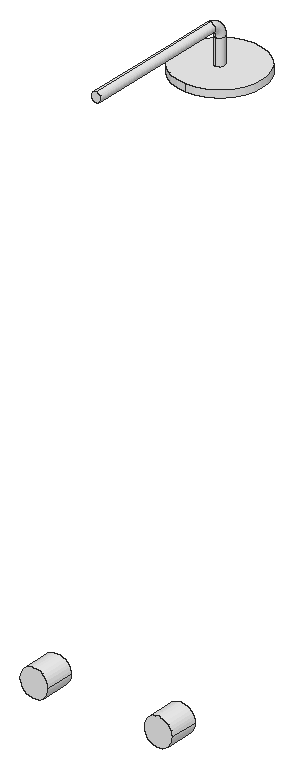
Revit family "Chuveiro_Parede", category Plumbing Fixtures, host Wall, Revit 2020
Family settings
  Host = Wall
  Round Connector Dimension = Use Diameter
  Part Type = Normal
  OmniClass Number = 23.45.00.00
  OmniClass Title = Sanitary, Laundry, and Cleaning Equipment
  Always vertical = Yes
  Cut with Voids When Loaded = No
  Shared = No
  Room Calculation Point = No
Parameters (values of type "CHV_PAR")
  Material_Chuveiro = CT_Cromados
  Description = "Descrição do tipo"
  Default Elevation = 0 mm
  Altura_Chuveiro = 2250 mm
  Altura Torneiras [instance] = 1080 mm
Reference planes
  plane 1: y = 0
  plane 2 "Center (Left/Right)": x = 125
  plane 3 "Back": y = 75
  plane 4: z = 2250
  plane 5: z = 1080
Forms (mm)
  Sweep 1, solid, material "CT_Cromados" <- "Material_Chuveiro"
    path origin (125, 0, 0) x (0, 1, 0) y (0, 0, 1)
      loop
        line (75, 2250) -> (380, 2250)
        arc (380, 2250) -> (397.678, 2242.678) -> (405, 2225) r 25
        line (405, 2225) -> (405, 2170)
    profile origin (125, 227.5, 2250) x (0, 0, 1) y (1, 0, 0)
      loop
        circle (0, 0) r 10
  Extrusion 2, solid, material "CT_Cromados" <- "Material_Chuveiro"
    sketch origin (125, 405, 2170) x (0, -1, 0) y (-1, 0, 0)
      loop
        circle (0, 0) r 90
    from 15.441 to 0
  Extrusion 3, solid, material "CT_Cromados" <- "Material_Chuveiro"
    sketch origin (-60, 75, 0) x (1, 0, 0) y (0, 0, 1)
      loop
        circle (317.921, 1080) r 30
    from 0 to -60.533
  Extrusion 4, solid, material "CT_Cromados" <- "Material_Chuveiro"
    sketch origin (310, 75, 0) x (-1, 0, 0) y (0, 0, -1)
      loop
        circle (317.921, -1080) r 30
    from 0 to -60.533
Cuts and joins
  joined: Sweep 1, Extrusion 2
Lines and regions (mm)
  model lines, style "PlumbingFixtures"
    curve 1: circle (125.066, 405.504, 0) r 90 normal (0, 0, 1)
  model lines, style "PlumbingFixturesHiddenLines"
    curve 2: line (114.16, 316.167, 0) -> (114.16, 75, 0)
    curve 3: line (134.16, 75, 0) -> (134.16, 315.964, 0)
Text (mm)
  text "Placement side" at (-1787.139, 592.35, 0), in view "Ref. Level"
  text "Placement side" at (0, 1827.695, 2917.686), in view "Left"
  text "Placement side" at (0, 562.268, 3853.606), in view "Right"
Dimensions and locks
  locked: plane 3 "Back" to host wall
  "Altura_Chuveiro": plane 4 to level
  "Altura Torneiras": level to plane 5
  aligned and locked: host wall to plane 1
  aligned and locked: Extrusion 2 to Sweep 1
  aligned and locked: Sweep 1 to plane 3 "Back"
  aligned and locked: cut or joined group of Sweep 1, Extrusion 2 to curve 3
  aligned and locked: cut or joined group of Sweep 1, Extrusion 2 to curve 2
Automatic sketch dimensions
  Sweep 1 sketch curve to plane 3 "Back" = 0 mm
  Sweep 1 sketch curve to plane 4 = 0 mm
  Sweep 1 sketch curve to plane 4 = 25 mm
  Sweep 1 sketch curve to plane 3 "Back" = 305 mm
  Sweep 1 sketch curve to Sweep 1 sketch curve = 55 mm
  Sweep 1 sketch curve to plane 2 "Center (Left/Right)" = 0 mm
  Sweep 1 sketch curve to profile plane = 0 mm
  Extrusion 3 sketch curve to plane 5 = 0 mm
  plane 2 "Center (Left/Right)" to Extrusion 3 sketch curve = 132.921 mm
  Extrusion 4 sketch curve to plane 5 = 0 mm
  plane 2 "Center (Left/Right)" to Extrusion 4 sketch curve = 132.921 mm
  plane 2 "Center (Left/Right)" to curve 1 = 0.066 mm
  host wall to curve 1 = 330.504 mm
  curve 2 to plane 2 "Center (Left/Right)" = 10.84 mm
  plane 2 "Center (Left/Right)" to curve 3 = 9.16 mm
  curve 3 to curve 1 = 89.539 mm
  radius of Sweep 1 sketch curve = 10 mm
  radius of Sweep 1 to Extrusion 2 sketch curve = 80 mm
  radius of Extrusion 3 sketch curve = 30 mm
  radius of Extrusion 4 sketch curve = 30 mm
